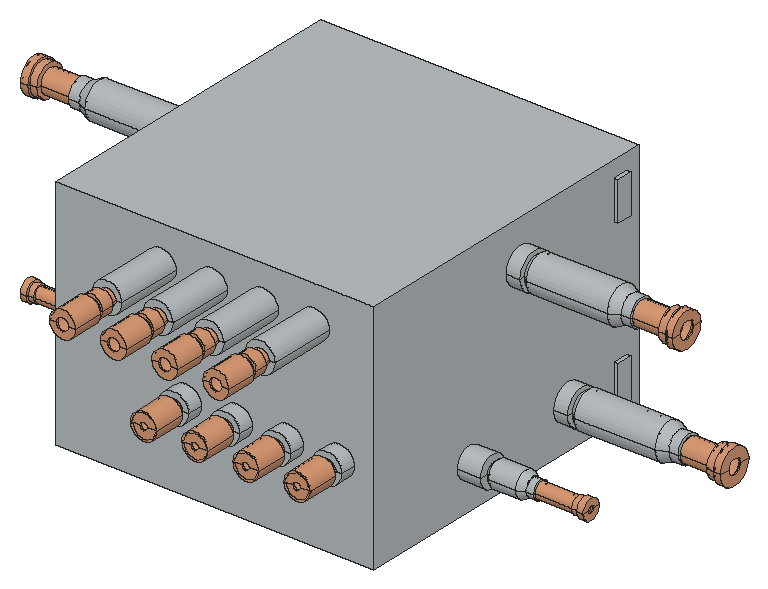
Revit family "bimlib_blokirazvetviteli_vp4_sistemamrv-5-rc_haier", category Оборудование, Revit 2020 (continued)
Connectors
  piping at (93.5, -277.5, -6), diameter 9.52, driven by "Диаметр_Жидкость_Подача", driven by "ADSK_Расход жидкости"
    settings: on nested 11, index 12, connector inside diameter 609.6 mm, connector length 0.00 mm, flow factor 0, pipe flow 0.0 L/s, pressure drop 0.0 Pa, fitting loss kfactor 0, connector angle 0.00°, fixture units 0, engagement length 0.00 mm, angle of deflection 0.00°, flow configuration 0, flow direction 1, fitting loss method 0, system type 29, joint type 0, gender type 0, connector reference index -1, connector utility 0, adjustable connector no, is connector primary no, connector description "Линия жидкости_Подача"
  piping at (158.5, -277.5, -6), diameter 9.52, driven by "Диаметр_Жидкость_Подача", driven by "ADSK_Расход жидкости"
    settings: on nested 12, index 13, connector inside diameter 609.6 mm, connector length 0.00 mm, flow factor 0, pipe flow 0.0 L/s, pressure drop 0.0 Pa, fitting loss kfactor 0, connector angle 0.00°, fixture units 0, engagement length 0.00 mm, angle of deflection 0.00°, flow configuration 0, flow direction 1, fitting loss method 0, system type 29, joint type 0, gender type 0, connector reference index -1, connector utility 0, adjustable connector no, is connector primary no, connector description "Линия жидкости_Подача"
  piping at (-415, 21.5, 131), diameter 22.22, driven by "Диаметр_Газ_ВыскоеДавление_Выход", driven by "ADSK_Расход жидкости"
    settings: on nested 13, index 14, connector inside diameter 609.6 mm, connector length 0.00 mm, flow factor 0, pipe flow 0.0 L/s, pressure drop 0.0 Pa, fitting loss kfactor 0, connector angle 0.00°, fixture units 0, engagement length 0.00 mm, angle of deflection 0.00°, flow configuration 0, flow direction 2, fitting loss method 0, system type 29, joint type 0, gender type 0, connector reference index -1, connector utility 0, adjustable connector no, is connector primary no, connector description "Линия газа_Высокое давление_Выход"
  piping at (-415, 97.5, -58), diameter 19.05, driven by "Диаметр_Газ_Выход", driven by "ADSK_Расход жидкости"
    settings: on nested 14, index 15, connector inside diameter 609.6 mm, connector length 0.00 mm, flow factor 0, pipe flow 0.0 L/s, pressure drop 0.0 Pa, fitting loss kfactor 0, connector angle 0.00°, fixture units 0, engagement length 0.00 mm, angle of deflection 0.00°, flow configuration 0, flow direction 2, fitting loss method 0, system type 29, joint type 0, gender type 0, connector reference index -1, connector utility 0, adjustable connector no, is connector primary no, connector description "Линия газа_Выход"
  piping at (-358.191, -59.75, -58), diameter 9.52, driven by "Диаметр_Жидкость_Выход", driven by "ADSK_Расход жидкости"
    settings: on nested 15, index 16, connector inside diameter 609.6 mm, connector length 0.00 mm, flow factor 0, pipe flow 0.0 L/s, pressure drop 0.0 Pa, fitting loss kfactor 0, connector angle 0.00°, fixture units 0, engagement length 0.00 mm, angle of deflection 0.00°, flow configuration 0, flow direction 2, fitting loss method 0, system type 29, joint type 0, gender type 0, connector reference index -1, connector utility 0, adjustable connector no, is connector primary no, connector description "Линия жидкости_Выход"
Definition of nested family "BIMLIB_ЗонаОбслуживания_DB"
  Parameters (values of type "BIMLIB_ЗонаОбслуживания_Haier")
    Default Elevation = 0.00 mm
    Зона обслуживания_Справа [instance] = 653.266 mm
    Зона обслуживания_Сверху [instance] = 481.574 mm
    Зона обслуживания_Слева [instance] = 454.692 mm
    Зона обслуживания_Снизу [instance] = 622.113 mm
    Зона обслуживания_Спереди [instance] = 760.748 mm
    ADSK_Размер_Ширина = 990.00 mm
    ADSK_Размер_Глубина = 750.00 mm
    ADSK_Размер_Высота = 165.00 mm
  Reference planes
    plane 1 "По центру (Вперед/Назад)": y = 0
    plane 2: z = 0
    plane 3 "По центру (Влево/Вправо)": x = 0
    plane 4: y = 375
    plane 5: y = -375
    plane 6: x = 495
    plane 7: x = -495
    plane 8: x = -949.692
    plane 9: y = 997.113
    plane 10: x = 1148.266
    plane 11: y = -856.574
    plane 12: z = 165
    plane 13: z = 925.748
  Forms (mm)
    Extrusion 1, solid
      sketch origin (0, 0, 0) x (1, 0, 0) y (0, 1, 0)
        loop
          line (-495, 375) -> (-949.692, 375) -> (-949.692, -375) -> (-495, -375) -> (-495, 375)
      from 0 to 165
    Extrusion 2, solid
      sketch origin (0, 0, 0) x (1, 0, 0) y (0, 1, 0)
        loop
          line (-495, -375) -> (-495, -856.574) -> (495, -856.574) -> (495, -375) -> (-495, -375)
      from 0 to 165
    Extrusion 3, solid
      sketch origin (0, 0, 0) x (1, 0, 0) y (0, 1, 0)
        loop
          line (495, 375) -> (495, -375) -> (1148.266, -375) -> (1148.266, 375) -> (495, 375)
      from 0 to 165
    Extrusion 4, solid
      sketch origin (0, 0, 0) x (1, 0, 0) y (0, 1, 0)
        loop
          line (-495, 997.113) -> (-495, 375) -> (495, 375) -> (495, 997.113) -> (-495, 997.113)
      from 0 to 165
    Extrusion 5, solid
      sketch origin (0, 0, 0) x (1, 0, 0) y (0, 0, 1)
        loop
          line (-495, 925.748) -> (-495, 165) -> (495, 165) -> (495, 925.748) -> (-495, 925.748)
      from -375 to 375
  Dimensions and locks
    "ADSK_Размер_Ширина": plane 7 to plane 6
    equal spacing: plane 7, plane 3 "По центру (Влево/Вправо)", plane 6
    equal spacing: plane 4, plane 1 "По центру (Вперед/Назад)", plane 5
    "ADSK_Размер_Глубина": plane 4 to plane 5
    "Зона обслуживания_Слева": plane 8 to plane 7
    "Зона обслуживания_Справа": plane 6 to plane 10
    "Зона обслуживания_Снизу": plane 9 to plane 4
    "Зона обслуживания_Сверху": plane 5 to plane 11
    "ADSK_Размер_Высота": plane 12 to plane 2
    "Зона обслуживания_Спереди": plane 13 to plane 12
    aligned and locked: level to plane 2
    aligned and locked: plane 7 to Extrusion 1
    aligned and locked: plane 4 to Extrusion 1
    aligned and locked: Extrusion 1 to plane 5
    aligned and locked: Extrusion 1 to plane 8
    aligned and locked: Extrusion 3 to plane 5
    aligned and locked: Extrusion 3 to plane 6
    aligned and locked: plane 10 to Extrusion 3
    aligned and locked: Extrusion 2 to plane 6
    aligned and locked: plane 5 to Extrusion 2
    aligned and locked: Extrusion 2 to plane 7
    aligned and locked: Extrusion 2 to plane 11
    aligned and locked: Extrusion 4 to plane 4
    aligned and locked: Extrusion 4 to plane 7
    aligned and locked: plane 6 to Extrusion 4
    aligned and locked: plane 9 to Extrusion 4
    aligned and locked: Extrusion 3 to plane 4
    aligned and locked: plane 12 to Extrusion 1
    aligned and locked: plane 12 to Extrusion 2
    aligned and locked: plane 12 to Extrusion 3
    aligned and locked: plane 12 to Extrusion 4
    aligned and locked: plane 13 to Extrusion 5
    aligned and locked: Extrusion 5 to plane 7
    aligned and locked: Extrusion 5 to plane 12
    aligned and locked: plane 6 to Extrusion 5
    aligned and locked: plane 4 to Extrusion 5
    aligned and locked: Extrusion 5 to plane 5
  Automatic sketch dimensions
    Extrusion 1 sketch curve to plane 4 = 0.00 mm
    plane 5 to Extrusion 1 sketch curve = 0.00 mm
    Extrusion 1 sketch curve to plane 7 = 454.692 mm
    Extrusion 1 sketch curve to plane 7 = 0.00 mm
    plane 8 to Extrusion 2 sketch curve = 454.692 mm
    plane 6 to Extrusion 2 sketch curve = 0.00 mm
    plane 11 to Extrusion 2 sketch curve = 0.00 mm
    Extrusion 2 sketch curve to plane 5 = 0.00 mm
    plane 5 to Extrusion 3 sketch curve = 0.00 mm
    plane 6 to Extrusion 3 sketch curve = 0.00 mm
    Extrusion 3 sketch curve to plane 10 = 0.00 mm
    plane 4 to Extrusion 3 sketch curve = 0.00 mm
    plane 8 to Extrusion 4 sketch curve = 454.692 mm
    Extrusion 4 sketch curve to plane 10 = 653.266 mm
    Extrusion 4 sketch curve to plane 9 = 622.113 mm
    Extrusion 4 sketch curve to plane 9 = 0.00 mm
    plane 7 to Extrusion 5 sketch curve = 0.00 mm
    Extrusion 5 sketch curve to plane 6 = 0.00 mm
    plane 12 to Extrusion 5 sketch curve = 0.00 mm
    Extrusion 5 sketch curve to plane 13 = 0.00 mm
Definition of nested family "BIMLIB_АннотацияУГО_DB"
  Reference planes
    plane 1: y = 0
    plane 2: x = 0
Definition of nested family "BIMLIB_КоннекторВращения"
  Parameters (values of type "BIMLIB_КоннекторВращения")
    Default Elevation = 0.00 mm
    Диаметр коннектора [instance] = 15.00 mm
    Вращение_ZY [instance] = 45.00°
    Вращение_XY [instance] = 90.00°
    Видимость конектора [instance] = yes
    ZX [instance] = no
    ADSK_Материал [instance] = none
  Reference planes
    plane 1 "По центру (Вперед/Назад)": y = 0
    plane 2: z = 0
    plane 3 "По центру (Влево/Вправо)": x = 0
  Dimensions and locks
    aligned and locked: level to plane 2
  Nested families
    nested 1: "Коннекторы_Вращение" at (0, 0, 0) x (-1, 0, 0) z (0, -1, 0), Azx <- "Вращение_XY", ADSK_Материал <- "ADSK_Материал", ZX <- "ZX", type "Коннекторы_Вращение", not visible
      with l 1.00 mm, a 5.00 mm, ZX no, D 10.00 mm, Bzx 0.00°, Azx 90.00°, ADSK_Материал none
    nested 2: "Коннекторы_Вращение" at (0, 0, 0) x (0, 1, 0) z (0, 0, -1), Azx <- "Вращение_ZY", D <- "Диаметр коннектора", ADSK_Материал <- "ADSK_Материал", ZX <- "ZX", visible <- "Видимость конектора", type "Коннекторы_Вращение"
      with l 1.00 mm, a 5.00 mm, ZX no, D 15.00 mm, Bzx -45.00°, Azx 45.00°, ADSK_Материал none
  Definition of nested family "Коннекторы_Вращение"
    Parameters (values of type "Коннекторы_Вращение")
      Default Elevation = 1219.20 mm
      l [instance] = 1.00 mm
      a [instance] = 5.00 mm  # constant formula
      ZX [instance] = yes
      D [instance] = 10.00 mm
      Bzx [instance] = Azx - 90.00°  # 0.00°
      Azx [instance] = 90.00°
      ADSK_Материал [instance] = none
    Reference planes
      plane 1 "По центру (Вперед/Назад)": y = 0
      plane 2: z = 0
      plane 3 "По центру (Влево/Вправо)": x = 0
    Forms (mm)
      Revolve 1, solid, material <- "ADSK_Материал", visible <- "ZX"
        sketch origin (0, -1.377, 0) x (0, 0, -1) y (0, 1, 0)
          loop
            line (0, 6.377) -> (-1, 6.377) -> (-1, 1.377) -> (0, 1.377) -> (0, 6.377)
          axis (0, 6.377) -> (0, 1.377)
        angle from 90 <- "Azx" to 0 <- "Bzx"
      Sweep 2, solid, material <- "ADSK_Материал"
        path in 3D
          loop
            line (0, 0, 0) -> (-1, 0, 0)
        profile origin (-0.5, 0, 0) x (0, 1, 0) y (0, 0, -1)
          loop
            circle (0, 0) r 5
    Lines and regions (mm)
      sketch lines
        curve 1: line (0, 0, 0) -> (-1, 0, 0)
    Dimensions and locks
      "a": Revolve 1 sketch curve to Revolve 1 sketch curve
      "D": diameter of Sweep 2 sketch curve
    Automatic sketch dimensions
      Revolve 1 sketch curve to plane 1 "По центру (Вперед/Назад)" = 0.00 mm  (x2)
      Revolve 1 sketch curve to level = 0.00 mm  (x2)
      level to Revolve 1 sketch curve = 1.00 mm
      Revolve 1 sketch curve to Revolve 1 sketch curve = 0.00 mm
      Sweep 2 sketch curve to profile plane = 0.00 mm
      profile plane to Sweep 2 sketch curve = 0.00 mm
